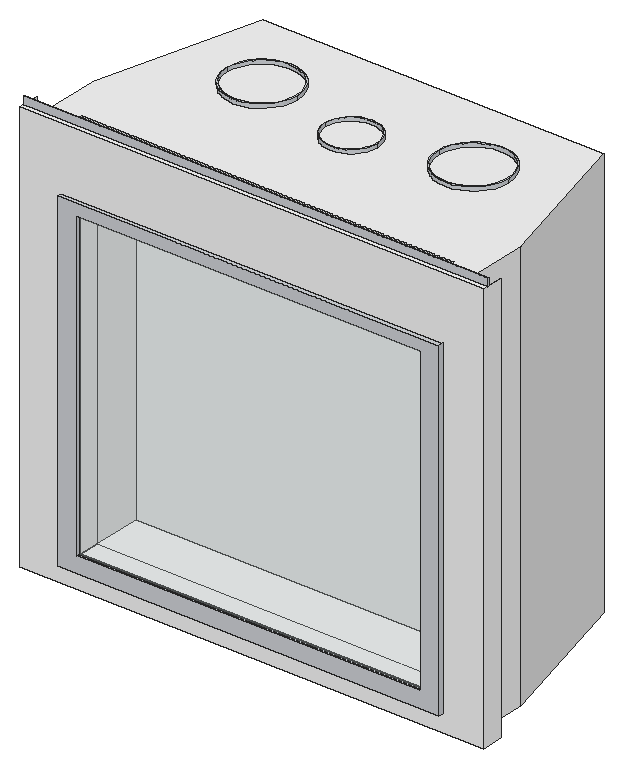
Revit family "DVCT36CBP95(N,P)-3-montigo-residential", category Generic Models, Revit 2021
Family settings
  Can host rebar = No
  Round Connector Dimension = Use Diameter
  Part Type = Normal
  Work Plane-Based = No
  Always vertical = Yes
  Cut with Voids When Loaded = No
  Shared = No
  Room Calculation Point = No
Parameters
  URL = "https://www.montigo.com/"
  Model = ""
  Manufacturer Fax = ""
  Manufacturer Website = "https://www.montigo.com/"
  Manufacturer Phone - Toll Free = "800-378-3115"
  Manufacturer Phone = ""
  Manufacturer Address = "27342 Gloucester Way  Langley, BC, Canada   V4W 4A1"
  Manufacturer = "Montigo"
  Keynote = ""
  Glazing Tint = Glass - Montigo - Tint as Specified
  Frame Material = Metal - Montigo - Black
  Firebox Material = Metal - Montigo - White
  Description = "Montigo Fireplace as Specified"
  Default Elevation = 0"
Reference planes (in)
  plane 1 "Center (Front/Back)": y = 0
  plane 2: z = 0
  plane 3 "Center (Left/Right)": x = 0
Forms (in)
  Extrusion 1, solid, material "Metal - Montigo - White" <- "Firebox Material"
    sketch origin (189, -15, 0) x (1, 0, 0) y (0, 1, 0)
      loop
        line (-166.51991, 15) -> (-166.51991, 17.03065) -> (-166.55189, 17.03065) -> (-166.55189, 15.53165) -> (-168.44173, 15.53165) -> (-168.44173, 21.7914) -> (-172.49929, 36.93445) -> (-205.50071, 36.93445) -> (-209.58235, 21.70156) -> (-209.58235, 15.53165) -> (-211.44811, 15.53165) -> (-211.44811, 17.03065) -> (-211.48009, 17.03065) -> (-211.48009, 15) -> (-166.51991, 15)
    from 0 to 39.875
  Extrusion 2, solid, material "Glass - Montigo - Tint as Specified" <- "Glazing Tint"
    sketch origin (68.76107, 3.48344, -8.21707) x (-1, 0, 0) y (0, 0, -1)
      loop
        line (52.26036, -40.84207) -> (85.26177, -40.84207) -> (85.26177, -11.34207) -> (52.26036, -11.34207) -> (52.26036, -40.84207)
    from 3.72165 to 1.60844
  Extrusion 3, solid
    sketch origin (0, 0, 0) x (1, 0, 0) y (0, 1, 0)
      loop
        circle (0, 11.99005) r 2.5
      loop
        circle (0, 11.99005) r 2.54753
    from 39.875 to 40.25
  Extrusion 4, void
    sketch origin (19.1875, -6.15625, 0) x (-1, 0, 0) y (0, 0, -1)
      loop
        line (37.20376, -39.18225) -> (1.17207, -39.18225) -> (1.17207, -39.875) -> (37.20376, -39.875) -> (37.20376, -39.18225)
    from -7.24387 to -8.03125
  Extrusion 5, solid
    sketch origin (0, 0, 0) x (1, 0, 0) y (0, 1, 0)
      loop
        line (-22.48009, 0.53165) -> (-22.48009, 0.49967) -> (22.48009, 0.49967) -> (22.48009, 0.53165) -> (-22.48009, 0.53165)
    from 40.625 to 39.875
  Extrusion 6, solid
    sketch origin (0, 0, 0) x (1, 0, 0) y (0, 1, 0)
      loop
        line (-18.46875, 0) -> (-18.46875, -0.41672) -> (18.46875, -0.41672) -> (18.46875, 0) -> (-18.46875, 0)
    from 1.625 to 33.75
  Extrusion 7, void
    sketch origin (18.46875, -0.41672, 0) x (1, 0, 0) y (0, 0, -1)
      loop
        line (-35.15625, -32.625) -> (-1.78125, -32.625) -> (-1.78125, -3.125) -> (-35.15625, -3.125) -> (-35.15625, -32.625)
    from 0 to 7.20812
  Extrusion 8, solid
    sketch origin (0, 0, 0) x (1, 0, 0) y (0, 1, 0)
      loop
        circle (-10.24207, 13.98667) r 3.37816
      loop
        circle (-10.24207, 13.98667) r 3.46681
    from 39.875 to 40.25
  Extrusion 9, solid
    sketch origin (0, 0, 0) x (-1, 0, 0) y (0, -1, 0)
      loop
        circle (-10.24207, -13.98667) r 3.37816
      loop
        circle (-10.24207, -13.98667) r 3.46681
    from 39.875 to 40.25
Cuts and joins
  Extrusion 4, Extrusion 7 cuts Extrusion 1
  Extrusion 7 cuts Extrusion 6
Lines and regions (in)
  symbolic lines
    curve 1: line (129.0333, -6.15625, 107.49519) -> (129.0333, -6.15625, 106.74519)
Dimensions and locks (in)
  diameter of Extrusion 3 sketch curve = 5"
  aligned and locked: level to plane 2
Connectors (in)
  hvac at (0, 11.99005, 40.25)
    settings: on Extrusion 3, index 1, duct flow 0.0 L/s, flow factor 0, pres drop 0.0 Pa, loss coef 0, conn angle 0.00°, conn width 304.8 mm, conn height 304.8 mm, conn diameter 127 mm, duct sys type 3, conn prof type 0, flow config 0, flow direction 0, loss method 0, conn ref index -1, conn util no, is conn primary yes, conn desc ""
